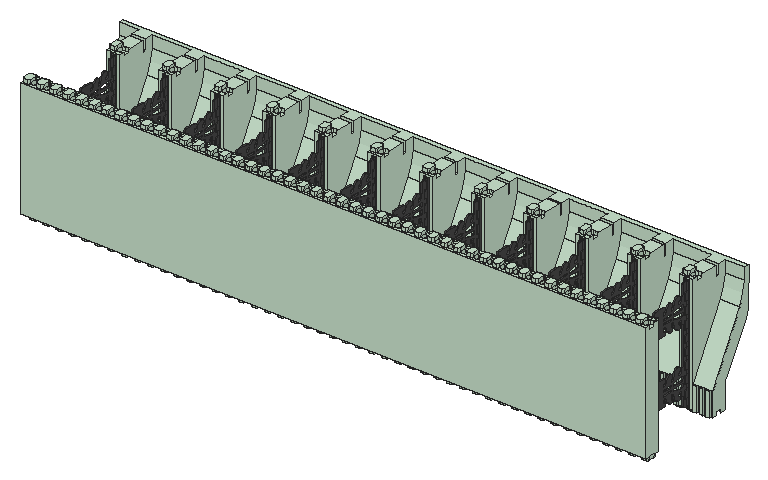
Revit family "ICF- NUDURA 10-inch- Brick Ledge Form Unit- Imperial", category Generic Models, Revit 2010 (continued)
Nested families (in)
  nested 75: "Interlock Tooth" at (13, -12.875, -18.5), type "Interlock Tooth"
  nested 76: "Interlock Tooth" at (15, -12.875, -18.5), type "Interlock Tooth"
  nested 77: "Interlock Tooth" at (17, -12.875, -18.5), type "Interlock Tooth"
  nested 78: "Interlock Tooth" at (19, -12.875, -18.5), type "Interlock Tooth"
  nested 79: "Interlock Tooth" at (21, -12.875, -18.5), type "Interlock Tooth"
  nested 80: "Interlock Tooth" at (23, -12.875, -18.5), type "Interlock Tooth"
  nested 81: "Interlock Tooth" at (25, -12.875, -18.5), type "Interlock Tooth"
  nested 82: "Interlock Tooth" at (27, -12.875, -18.5), type "Interlock Tooth"
  nested 83: "Interlock Tooth" at (29, -12.875, -18.5), type "Interlock Tooth"
  nested 84: "Interlock Tooth" at (31, -12.875, -18.5), type "Interlock Tooth"
  nested 85: "Interlock Tooth" at (33, -12.875, -18.5), type "Interlock Tooth"
  nested 86: "Interlock Tooth" at (35, -12.875, -18.5), type "Interlock Tooth"
  nested 87: "Interlock Tooth" at (37, -12.875, -18.5), type "Interlock Tooth"
  nested 88: "Interlock Tooth" at (39, -12.875, -18.5), type "Interlock Tooth"
  nested 89: "Interlock Tooth" at (41, -12.875, -18.5), type "Interlock Tooth"
  nested 90: "Interlock Tooth" at (43, -12.875, -18.5), type "Interlock Tooth"
  nested 91: "Interlock Tooth" at (45, -12.875, -18.5), type "Interlock Tooth"
  nested 92: "Interlock Tooth" at (47, -12.875, -18.5), type "Interlock Tooth"
  nested 93: "Interlock Tooth" at (49, -12.875, -18.5), type "Interlock Tooth"
  nested 94: "Interlock Tooth" at (51, -12.875, -18.5), type "Interlock Tooth"
  nested 95: "Interlock Tooth" at (53, -12.875, -18.5), type "Interlock Tooth"
  nested 96: "Interlock Tooth" at (55, -12.875, -18.5), type "Interlock Tooth"
  nested 97: "Interlock Tooth" at (57, -12.875, -18.5), type "Interlock Tooth"
  nested 98: "Interlock Tooth" at (59, -12.875, -18.5), type "Interlock Tooth"
  nested 99: "Interlock Tooth" at (61, -12.875, -18.5), type "Interlock Tooth"
  nested 100: "Interlock Tooth" at (63, -12.875, -18.5), type "Interlock Tooth"
  nested 101: "Interlock Tooth" at (65, -12.875, -18.5), type "Interlock Tooth"
  nested 102: "Interlock Tooth" at (67, -12.875, -18.5), type "Interlock Tooth"
  nested 103: "Interlock Tooth" at (69, -12.875, -18.5), type "Interlock Tooth"
  nested 104: "Interlock Tooth" at (71, -12.875, -18.5), type "Interlock Tooth"
  nested 105: "Interlock Tooth" at (73, -12.875, -18.5), type "Interlock Tooth"
  nested 106: "Interlock Tooth" at (75, -12.875, -18.5), type "Interlock Tooth"
  nested 107: "Interlock Tooth" at (77, -12.875, -18.5), type "Interlock Tooth"
  nested 108: "Interlock Tooth" at (79, -12.875, -18.5), type "Interlock Tooth"
  nested 109: "Interlock Tooth" at (81, -12.875, -18.5), type "Interlock Tooth"
  nested 110: "Interlock Tooth" at (83, -12.875, -18.5), type "Interlock Tooth"
  nested 111: "Interlock Tooth" at (85, -12.875, -18.5), type "Interlock Tooth"
  nested 112: "Interlock Tooth" at (87, -12.875, -18.5), type "Interlock Tooth"
  nested 113: "Interlock Tooth" at (89, -12.875, -18.5), type "Interlock Tooth"
  nested 114: "Interlock Tooth" at (91, -12.875, -18.5), type "Interlock Tooth"
  nested 115: "Interlock Tooth" at (93, -12.875, -18.5), type "Interlock Tooth"
  nested 116: "Interlock Tooth" at (95, -12.875, -18.5), type "Interlock Tooth"
  nested 117: "Interlock Tooth" at (0, 0, -18.5), type "Interlock Tooth"
  nested 118: "Interlock Tooth" at (2, 0, -18.5), type "Interlock Tooth"
  nested 119: "Interlock Tooth" at (4, 0, -18.5), type "Interlock Tooth"
  nested 120: "Interlock Tooth" at (6, 0, -18.5), type "Interlock Tooth"
  nested 121: "Interlock Tooth" at (8, 0, -18.5), type "Interlock Tooth"
  nested 122: "Interlock Tooth" at (10, 0, -18.5), type "Interlock Tooth"
  nested 123: "Interlock Tooth" at (12, 0, -18.5), type "Interlock Tooth"
  nested 124: "Interlock Tooth" at (14, 0, -18.5), type "Interlock Tooth"
  nested 125: "Interlock Tooth" at (16, 0, -18.5), type "Interlock Tooth"
  nested 126: "Interlock Tooth" at (18, 0, -18.5), type "Interlock Tooth"
  nested 127: "Interlock Tooth" at (20, 0, -18.5), type "Interlock Tooth"
  nested 128: "Interlock Tooth" at (22, 0, -18.5), type "Interlock Tooth"
  nested 129: "Interlock Tooth" at (24, 0, -18.5), type "Interlock Tooth"
  nested 130: "Interlock Tooth" at (26, 0, -18.5), type "Interlock Tooth"
  nested 131: "Interlock Tooth" at (28, 0, -18.5), type "Interlock Tooth"
  nested 132: "Interlock Tooth" at (30, 0, -18.5), type "Interlock Tooth"
  nested 133: "Interlock Tooth" at (32, 0, -18.5), type "Interlock Tooth"
  nested 134: "Interlock Tooth" at (34, 0, -18.5), type "Interlock Tooth"
  nested 135: "Interlock Tooth" at (36, 0, -18.5), type "Interlock Tooth"
  nested 136: "Interlock Tooth" at (38, 0, -18.5), type "Interlock Tooth"
  nested 137: "Interlock Tooth" at (40, 0, -18.5), type "Interlock Tooth"
  nested 138: "Interlock Tooth" at (42, 0, -18.5), type "Interlock Tooth"
  nested 139: "Interlock Tooth" at (44, 0, -18.5), type "Interlock Tooth"
  nested 140: "Interlock Tooth" at (46, 0, -18.5), type "Interlock Tooth"
  nested 141: "Interlock Tooth" at (48, 0, -18.5), type "Interlock Tooth"
  nested 142: "Interlock Tooth" at (50, 0, -18.5), type "Interlock Tooth"
  nested 143: "Interlock Tooth" at (52, 0, -18.5), type "Interlock Tooth"
  nested 144: "Interlock Tooth" at (54, 0, -18.5), type "Interlock Tooth"
  nested 145: "Interlock Tooth" at (56, 0, -18.5), type "Interlock Tooth"
  nested 146: "Interlock Tooth" at (58, 0, -18.5), type "Interlock Tooth"
  nested 147: "Interlock Tooth" at (60, 0, -18.5), type "Interlock Tooth"
  nested 148: "Interlock Tooth" at (62, 0, -18.5), type "Interlock Tooth"
  nested 149: "Interlock Tooth" at (64, 0, -18.5), type "Interlock Tooth"
  nested 150: "Interlock Tooth" at (66, 0, -18.5), type "Interlock Tooth"
  nested 151: "Interlock Tooth" at (68, 0, -18.5), type "Interlock Tooth"
  nested 152: "Interlock Tooth" at (70, 0, -18.5), type "Interlock Tooth"
  nested 153: "Interlock Tooth" at (72, 0, -18.5), type "Interlock Tooth"
  nested 154: "Interlock Tooth" at (74, 0, -18.5), type "Interlock Tooth"
  nested 155: "Interlock Tooth" at (76, 0, -18.5), type "Interlock Tooth"
  nested 156: "Interlock Tooth" at (78, 0, -18.5), type "Interlock Tooth"
  nested 157: "Interlock Tooth" at (80, 0, -18.5), type "Interlock Tooth"
  nested 158: "Interlock Tooth" at (82, 0, -18.5), type "Interlock Tooth"
  nested 159: "Interlock Tooth" at (84, 0, -18.5), type "Interlock Tooth"
  nested 160: "Interlock Tooth" at (86, 0, -18.5), type "Interlock Tooth"
  nested 161: "Interlock Tooth" at (88, 0, -18.5), type "Interlock Tooth"
  nested 162: "Interlock Tooth" at (90, 0, -18.5), type "Interlock Tooth"
  nested 163: "Interlock Tooth" at (92, 0, -18.5), type "Interlock Tooth"
  nested 164: "Interlock Tooth" at (94, 0, -18.5), type "Interlock Tooth"
  nested 165: "Interlock Tooth" at (0, 0, 0), type "Interlock Tooth", not visible
  nested 166: "Interlock Tooth" at (2, 0, 0), type "Interlock Tooth", not visible
  nested 167: "Interlock Tooth" at (4, 0, 0), type "Interlock Tooth", not visible
  nested 168: "Interlock Tooth" at (6, 0, 0), type "Interlock Tooth", not visible
  nested 169: "Interlock Tooth" at (8, 0, 0), type "Interlock Tooth", not visible
  nested 170: "Interlock Tooth" at (10, 0, 0), type "Interlock Tooth", not visible
  nested 171: "Interlock Tooth" at (12, 0, 0), type "Interlock Tooth", not visible
  nested 172: "Interlock Tooth" at (14, 0, 0), type "Interlock Tooth", not visible
  nested 173: "Interlock Tooth" at (16, 0, 0), type "Interlock Tooth", not visible
  nested 174: "Interlock Tooth" at (18, 0, 0), type "Interlock Tooth", not visible
  nested 175: "Interlock Tooth" at (20, 0, 0), type "Interlock Tooth", not visible
  nested 176: "Interlock Tooth" at (22, 0, 0), type "Interlock Tooth", not visible
  nested 177: "Interlock Tooth" at (24, 0, 0), type "Interlock Tooth", not visible
  nested 178: "Interlock Tooth" at (26, 0, 0), type "Interlock Tooth", not visible
  nested 179: "Interlock Tooth" at (28, 0, 0), type "Interlock Tooth", not visible
  nested 180: "Interlock Tooth" at (30, 0, 0), type "Interlock Tooth", not visible
  nested 181: "Interlock Tooth" at (32, 0, 0), type "Interlock Tooth", not visible
  nested 182: "Interlock Tooth" at (34, 0, 0), type "Interlock Tooth", not visible
  nested 183: "Interlock Tooth" at (36, 0, 0), type "Interlock Tooth", not visible
  nested 184: "Interlock Tooth" at (38, 0, 0), type "Interlock Tooth", not visible
  nested 185: "Interlock Tooth" at (40, 0, 0), type "Interlock Tooth", not visible
  nested 186: "Interlock Tooth" at (42, 0, 0), type "Interlock Tooth", not visible
  nested 187: "Interlock Tooth" at (44, 0, 0), type "Interlock Tooth", not visible
  nested 188: "Interlock Tooth" at (46, 0, 0), type "Interlock Tooth", not visible
  nested 189: "Interlock Tooth" at (48, 0, 0), type "Interlock Tooth", not visible
  nested 190: "Interlock Tooth" at (50, 0, 0), type "Interlock Tooth", not visible
  nested 191: "Interlock Tooth" at (52, 0, 0), type "Interlock Tooth", not visible
  nested 192: "Interlock Tooth" at (54, 0, 0), type "Interlock Tooth", not visible
  nested 193: "Interlock Tooth" at (56, 0, 0), type "Interlock Tooth", not visible
  nested 194: "Interlock Tooth" at (58, 0, 0), type "Interlock Tooth", not visible
  nested 195: "Interlock Tooth" at (60, 0, 0), type "Interlock Tooth", not visible
  nested 196: "Interlock Tooth" at (62, 0, 0), type "Interlock Tooth", not visible
  nested 197: "Interlock Tooth" at (64, 0, 0), type "Interlock Tooth", not visible
  nested 198: "Interlock Tooth" at (66, 0, 0), type "Interlock Tooth", not visible
  nested 199: "Interlock Tooth" at (68, 0, 0), type "Interlock Tooth", not visible
  nested 200: "Interlock Tooth" at (70, 0, 0), type "Interlock Tooth", not visible
  nested 201: "Interlock Tooth" at (72, 0, 0), type "Interlock Tooth", not visible
  nested 202: "Interlock Tooth" at (74, 0, 0), type "Interlock Tooth", not visible
  nested 203: "Interlock Tooth" at (76, 0, 0), type "Interlock Tooth", not visible
  nested 204: "Interlock Tooth" at (78, 0, 0), type "Interlock Tooth", not visible
  nested 205: "Interlock Tooth" at (80, 0, 0), type "Interlock Tooth", not visible
  nested 206: "Interlock Tooth" at (82, 0, 0), type "Interlock Tooth", not visible
  nested 207: "Interlock Tooth" at (84, 0, 0), type "Interlock Tooth", not visible
  nested 208: "Interlock Tooth" at (86, 0, 0), type "Interlock Tooth", not visible
  nested 209: "Interlock Tooth" at (88, 0, 0), type "Interlock Tooth", not visible
  nested 210: "Interlock Tooth" at (90, 0, 0), type "Interlock Tooth", not visible
  nested 211: "Interlock Tooth" at (92, 0, 0), type "Interlock Tooth", not visible
  nested 212: "Interlock Tooth" at (94, 0, 0), type "Interlock Tooth", not visible
  nested 213: "Interlock Tooth" at (1, 8.875, 0), type "Interlock Tooth", not visible
  nested 214: "Interlock Tooth" at (3, 8.875, 0), type "Interlock Tooth", not visible
  nested 215: "Interlock Tooth" at (5, 8.875, 0), type "Interlock Tooth", not visible
  nested 216: "Interlock Tooth" at (7, 8.875, 0), type "Interlock Tooth", not visible
  nested 217: "Interlock Tooth" at (9, 8.875, 0), type "Interlock Tooth", not visible
  nested 218: "Interlock Tooth" at (11, 8.875, 0), type "Interlock Tooth", not visible
  nested 219: "Interlock Tooth" at (13, 8.875, 0), type "Interlock Tooth", not visible
  nested 220: "Interlock Tooth" at (15, 8.875, 0), type "Interlock Tooth", not visible
  nested 221: "Interlock Tooth" at (17, 8.875, 0), type "Interlock Tooth", not visible
  nested 222: "Interlock Tooth" at (19, 8.875, 0), type "Interlock Tooth", not visible
  nested 223: "Interlock Tooth" at (21, 8.875, 0), type "Interlock Tooth", not visible
  nested 224: "Interlock Tooth" at (23, 8.875, 0), type "Interlock Tooth", not visible
  nested 225: "Interlock Tooth" at (25, 8.875, 0), type "Interlock Tooth", not visible
  nested 226: "Interlock Tooth" at (27, 8.875, 0), type "Interlock Tooth", not visible
  nested 227: "Interlock Tooth" at (29, 8.875, 0), type "Interlock Tooth", not visible
  nested 228: "Interlock Tooth" at (31, 8.875, 0), type "Interlock Tooth", not visible
  nested 229: "Interlock Tooth" at (33, 8.875, 0), type "Interlock Tooth", not visible
  nested 230: "Interlock Tooth" at (35, 8.875, 0), type "Interlock Tooth", not visible
  nested 231: "Interlock Tooth" at (37, 8.875, 0), type "Interlock Tooth", not visible
  nested 232: "Interlock Tooth" at (39, 8.875, 0), type "Interlock Tooth", not visible
  nested 233: "Interlock Tooth" at (41, 8.875, 0), type "Interlock Tooth", not visible
  nested 234: "Interlock Tooth" at (43, 8.875, 0), type "Interlock Tooth", not visible
  nested 235: "Interlock Tooth" at (45, 8.875, 0), type "Interlock Tooth", not visible
  nested 236: "Interlock Tooth" at (47, 8.875, 0), type "Interlock Tooth", not visible
  nested 237: "Interlock Tooth" at (49, 8.875, 0), type "Interlock Tooth", not visible
  nested 238: "Interlock Tooth" at (51, 8.875, 0), type "Interlock Tooth", not visible
  nested 239: "Interlock Tooth" at (53, 8.875, 0), type "Interlock Tooth", not visible
  nested 240: "Interlock Tooth" at (55, 8.875, 0), type "Interlock Tooth", not visible
  nested 241: "Interlock Tooth" at (57, 8.875, 0), type "Interlock Tooth", not visible
  nested 242: "Interlock Tooth" at (59, 8.875, 0), type "Interlock Tooth", not visible
  nested 243: "Interlock Tooth" at (61, 8.875, 0), type "Interlock Tooth", not visible
  nested 244: "Interlock Tooth" at (63, 8.875, 0), type "Interlock Tooth", not visible
  nested 245: "Interlock Tooth" at (65, 8.875, 0), type "Interlock Tooth", not visible
  nested 246: "Interlock Tooth" at (67, 8.875, 0), type "Interlock Tooth", not visible
  nested 247: "Interlock Tooth" at (69, 8.875, 0), type "Interlock Tooth", not visible
  nested 248: "Interlock Tooth" at (71, 8.875, 0), type "Interlock Tooth", not visible
  nested 249: "Interlock Tooth" at (73, 8.875, 0), type "Interlock Tooth", not visible
  nested 250: "Interlock Tooth" at (75, 8.875, 0), type "Interlock Tooth", not visible
  nested 251: "Interlock Tooth" at (77, 8.875, 0), type "Interlock Tooth", not visible
  nested 252: "Interlock Tooth" at (79, 8.875, 0), type "Interlock Tooth", not visible
  nested 253: "Interlock Tooth" at (81, 8.875, 0), type "Interlock Tooth", not visible
  nested 254: "Interlock Tooth" at (83, 8.875, 0), type "Interlock Tooth", not visible
  nested 255: "Interlock Tooth" at (85, 8.875, 0), type "Interlock Tooth", not visible
  nested 256: "Interlock Tooth" at (87, 8.875, 0), type "Interlock Tooth", not visible
  nested 257: "Interlock Tooth" at (89, 8.875, 0), type "Interlock Tooth", not visible
  nested 258: "Interlock Tooth" at (91, 8.875, 0), type "Interlock Tooth", not visible
  nested 259: "Interlock Tooth" at (93, 8.875, 0), type "Interlock Tooth", not visible
  nested 260: "Interlock Tooth" at (95, 8.875, 0), type "Interlock Tooth", not visible
  nested 261: "NUDURA Logo Diamond" at (0, -9.625, 0), type "NUDURA Logo Diamond"
  nested 262: "NUDURA Logo Diamond" at (24, -9.625, 0), type "NUDURA Logo Diamond"
  nested 263: "NUDURA Logo Diamond" at (48, -9.625, 0), type "NUDURA Logo Diamond"
  nested 264: "NUDURA Logo Diamond" at (72, -9.625, 0), type "NUDURA Logo Diamond"
  nested 265: "NUDURA Brick Ledge Diamond Pattern" at (88, 11.25, 0), type "NUDURA Brick Ledge Diamond Pattern"
  nested 266: "NUDURA Brick Ledge Diamond Pattern" at (80, 11.25, 0), type "NUDURA Brick Ledge Diamond Pattern"
  nested 267: "NUDURA Brick Ledge Diamond Pattern" at (72, 11.25, 0), type "NUDURA Brick Ledge Diamond Pattern"
  nested 268: "NUDURA Brick Ledge Diamond Pattern" at (64, 11.25, 0), type "NUDURA Brick Ledge Diamond Pattern"
  nested 269: "NUDURA Brick Ledge Diamond Pattern" at (56, 11.25, 0), type "NUDURA Brick Ledge Diamond Pattern"
  nested 270: "NUDURA Brick Ledge Diamond Pattern" at (48, 11.25, 0), type "NUDURA Brick Ledge Diamond Pattern"
  nested 271: "NUDURA Brick Ledge Diamond Pattern" at (40, 11.25, 0), type "NUDURA Brick Ledge Diamond Pattern"
  nested 272: "NUDURA Brick Ledge Diamond Pattern" at (32, 11.25, 0), type "NUDURA Brick Ledge Diamond Pattern"
  nested 273: "NUDURA Brick Ledge Diamond Pattern" at (24, 11.25, 0), type "NUDURA Brick Ledge Diamond Pattern"
  nested 274: "NUDURA Brick Ledge Diamond Pattern" at (16, 11.25, 0), type "NUDURA Brick Ledge Diamond Pattern"
  nested 275: "NUDURA Brick Ledge Diamond Pattern" at (8, 11.25, 0), type "NUDURA Brick Ledge Diamond Pattern"
  nested 276: "NUDURA Brick Ledge Diamond Pattern" at (0, 11.25, 0), type "NUDURA Brick Ledge Diamond Pattern"
  nested 277: "10-inch Insert Web" at (4, -2, 0), type "10-inch Insert Web"
  nested 278: "10-inch Insert Web" at (12, -2, 0), type "10-inch Insert Web"
  nested 279: "10-inch Insert Web" at (20, -2, 0), type "10-inch Insert Web"
  nested 280: "10-inch Insert Web" at (28, -2, 0), type "10-inch Insert Web"
  nested 281: "10-inch Insert Web" at (36, -2, 0), type "10-inch Insert Web"
  nested 282: "10-inch Insert Web" at (44, -2, 0), type "10-inch Insert Web"
  nested 283: "10-inch Insert Web" at (52, -2, 0), type "10-inch Insert Web"
  nested 284: "10-inch Insert Web" at (68, -2, 0), type "10-inch Insert Web"
  nested 285: "10-inch Insert Web" at (76, -2, 0), type "10-inch Insert Web"
  nested 286: "10-inch Insert Web" at (60, -2, 0), type "10-inch Insert Web"
  nested 287: "10-inch Insert Web" at (84, -2, 0), type "10-inch Insert Web"
  nested 288: "10-inch Insert Web" at (92, -2, 0), type "10-inch Insert Web"
Definition of nested family "Interlock Tooth"
  Reference planes (in)
    plane 1 "Center (Front/Back)": y = 0
    plane 2: z = 0
    plane 3 "Center (Left/Right)": x = 0
    plane 4: z = 18
    plane 5: z = 18.5
    plane 6: z = -0.5
  Forms (in)
    Extrusion 1, solid, material "NUDURA Expanded Polystyrene Foam Insulation"
      sketch origin (0, -8.875, 0) x (1, 0, 0) y (0, 1, 0)
        loop
          arc (0, 3.97692) -> (0.04785, 3.82983) -> (0.17308, 3.73905) r 0.25
          arc (0.17308, 3.73905) -> (0.5, 3.6875) -> (0.82692, 3.73905) r 1.0625
          arc (0.82692, 3.73905) -> (0.95215, 3.82983) -> (1, 3.97692) r 0.25
          line (1, 3.97692) -> (1, 4.89808)
          arc (1, 4.89808) -> (0.95215, 5.04517) -> (0.82692, 5.13595) r 0.25
          arc (0.82692, 5.13595) -> (0.5, 5.1875) -> (0.17308, 5.13595) r 1.0625
          arc (0.17308, 5.13595) -> (0.04785, 5.04517) -> (0, 4.89808) r 0.25
          line (0, 4.89808) -> (0, 3.97692)
      from 18 to 18.5
  Dimensions and locks (in)
    locked: plane 4 to level at 18
    locked: plane 4 to plane 5 at 0.5
    locked: plane 6 to level at 0.5
Definition of nested family "10-inch Insert Web"
  Reference planes (in)
    plane 1 "Center (Front/Back)": y = 0
    plane 2: z = 0
    plane 3 "Center (Left/Right)": x = 0
  Forms (in)
    Extrusion 1, solid, material "High Density Polystyrene"
      sketch origin (0, 0, 0) x (0, 1, 0) y (0, 0, 1)
        loop
          line (5.25, 0) -> (5.25, 17.74583)
          arc (5.25, 17.74583) -> (5.22112, 17.72608) -> (5.21, 17.69292) r 0.055
          line (5.21, 17.69292) -> (5.21, 0.05292)
          arc (5.21, 0.05292) -> (5.22112, 0.01975) -> (5.25, 0) r 0.055
        loop
          arc (-5.25, 0) -> (-5.22112, 0.01975) -> (-5.21, 0.05292) r 0.055
          line (-5.21, 0.05292) -> (-5.21, 17.69292)
          arc (-5.21, 17.69292) -> (-5.22112, 17.72608) -> (-5.25, 17.74583) r 0.055
          line (-5.25, 17.74583) -> (-5.25, 0)
      from 0.36328 to -0.36328
    Extrusion 2, solid, material "High Density Polystyrene"
      sketch origin (0, 0, 0) x (0, 1, 0) y (0, 0, 1)
        loop
          line (-5.12543, 17.57204) -> (-5.19457, 17.61045)
          arc (-5.19457, 17.61045) -> (-5.20585, 17.62147) -> (-5.21, 17.63668) r 0.03
          line (-5.21, 17.63668) -> (-5.21, 17.38789)
          arc (-5.21, 17.38789) -> (-5.20374, 17.40241) -> (-5.18889, 17.40785) r 0.02
          line (-5.18889, 17.40785) -> (-5.13111, 17.40464)
          arc (-5.13111, 17.40464) -> (-5.11625, 17.41008) -> (-5.11, 17.42461) r 0.02
          line (-5.11, 17.42461) -> (-5.11, 17.54582)
          arc (-5.11, 17.54582) -> (-5.11414, 17.56103) -> (-5.12543, 17.57204) r 0.03
        loop
          line (-4.5, 17.20772) -> (-4.6, 17.20772) -> (-4.6, 17.2388)
          arc (-4.6, 17.2388) -> (-4.61433, 17.27339) -> (-4.64893, 17.28772) r 0.04893
          line (-4.64893, 17.28772) -> (-4.77609, 17.28772) -> (-4.825, 17.43772)
          arc (-4.825, 17.43772) -> (-4.875, 17.46772) -> (-4.925, 17.43772) r 0.05667
          line (-4.925, 17.43772) -> (-5, 17.20772) -> (-5, 0.53811) -> (-4.925, 0.30811)
          arc (-4.925, 0.30811) -> (-4.875, 0.27811) -> (-4.825, 0.30811) r 0.05667
          line (-4.825, 0.30811) -> (-4.77609, 0.45811) -> (-4.64893, 0.45811)
          arc (-4.64893, 0.45811) -> (-4.61433, 0.47244) -> (-4.6, 0.50703) r 0.04893
          line (-4.6, 0.50703) -> (-4.6, 0.53811) -> (-4.5, 0.53811) -> (-4.5, 1.99805)
          arc (-4.5, 1.99805) -> (-4.46384, 2.08535) -> (-4.37654, 2.12151) r 0.12346
          arc (-4.37654, 2.12151) -> (-4.22754, 2.23265) -> (-4.21225, 2.41791) r 0.22602
          arc (-4.21225, 2.41791) -> (-3.72909, 2.89529) -> (-3.67178, 2.21849) r 0.375
          arc (-3.67178, 2.21849) -> (-3.82054, 1.85615) -> (-3.45819, 1.70739) r 0.27697
          arc (-3.45819, 1.70739) -> (-2.94561, 2.10506) -> (-2.74922, 2.72338) r 1.09159
          line (-2.74922, 2.72338) -> (-2.74973, 2.88837)
          arc (-2.74973, 2.88837) -> (-2.17617, 3.17809) -> (-2.18865, 2.53563) r 0.375
          arc (-2.18865, 2.53563) -> (-2.3374, 2.17328) -> (-1.97506, 2.02453) r 0.27697
          arc (-1.97506, 2.02453) -> (-1.47568, 2.34989) -> (-1.23882, 2.89683) r 1.0341
          arc (-1.23882, 2.89683) -> (-0.66526, 3.18654) -> (-0.67773, 2.54409) r 0.375
          arc (-0.67773, 2.54409) -> (-0.76612, 2.51631) -> (-0.85703, 2.49851) r 0.83414
          arc (-0.85703, 2.49851) -> (-1.02215, 2.26789) -> (-0.82272, 2.06619) r 0.22
          arc (-0.82272, 2.06619) -> (-0.41308, 2.01232) -> (0, 2.0035) r 3.77741
          arc (0, 2.0035) -> (0.41308, 2.01232) -> (0.82272, 2.06619) r 3.77741
          arc (0.82272, 2.06619) -> (1.02215, 2.26789) -> (0.85703, 2.49851) r 0.22
          arc (0.85703, 2.49851) -> (0.76612, 2.51631) -> (0.67773, 2.54409) r 0.83414
          arc (0.67773, 2.54409) -> (0.66526, 3.18654) -> (1.23882, 2.89683) r 0.375
          arc (1.23882, 2.89683) -> (1.47568, 2.34989) -> (1.97506, 2.02453) r 1.0341
          arc (1.97506, 2.02453) -> (2.3374, 2.17328) -> (2.18865, 2.53563) r 0.27697
          arc (2.18865, 2.53563) -> (2.17617, 3.17809) -> (2.74973, 2.88837) r 0.375
          line (2.74973, 2.88837) -> (2.74922, 2.72338)
          arc (2.74922, 2.72338) -> (2.94561, 2.10506) -> (3.45819, 1.70739) r 1.09159
          arc (3.45819, 1.70739) -> (3.82054, 1.85615) -> (3.67178, 2.21849) r 0.27697
          arc (3.67178, 2.21849) -> (3.72909, 2.89529) -> (4.21225, 2.41791) r 0.375
          arc (4.21225, 2.41791) -> (4.22754, 2.23265) -> (4.37654, 2.12151) r 0.22602
          arc (4.37654, 2.12151) -> (4.46384, 2.08535) -> (4.5, 1.99805) r 0.12346
          line (4.5, 1.99805) -> (4.5, 0.53811) -> (4.6, 0.53811) -> (4.6, 0.50703)
          arc (4.6, 0.50703) -> (4.61433, 0.47244) -> (4.64893, 0.45811) r 0.04893
          line (4.64893, 0.45811) -> (4.77609, 0.45811) -> (4.825, 0.30811)
          arc (4.825, 0.30811) -> (4.875, 0.27811) -> (4.925, 0.30811) r 0.05667
          line (4.925, 0.30811) -> (5, 0.53811) -> (5, 17.20772) -> (4.925, 17.43772)
          arc (4.925, 17.43772) -> (4.875, 17.46772) -> (4.825, 17.43772) r 0.05667
          line (4.825, 17.43772) -> (4.77609, 17.28772) -> (4.64893, 17.28772)
          arc (4.64893, 17.28772) -> (4.61433, 17.27339) -> (4.6, 17.2388) r 0.04893
          line (4.6, 17.2388) -> (4.6, 17.20772) -> (4.5, 17.20772) -> (4.5, 15.74778)
          arc (4.5, 15.74778) -> (4.46384, 15.66048) -> (4.37654, 15.62433) r 0.12346
          arc (4.37654, 15.62433) -> (4.22754, 15.51319) -> (4.21225, 15.32793) r 0.22602
          arc (4.21225, 15.32793) -> (3.72909, 14.85054) -> (3.67178, 15.52734) r 0.375
          arc (3.67178, 15.52734) -> (3.82054, 15.88969) -> (3.45819, 16.03844) r 0.27697
          arc (3.45819, 16.03844) -> (2.94561, 15.64077) -> (2.74922, 15.02245) r 1.09159
          line (2.74922, 15.02245) -> (2.74973, 14.85746)
          arc (2.74973, 14.85746) -> (2.17617, 14.56774) -> (2.18865, 15.2102) r 0.375
          arc (2.18865, 15.2102) -> (2.3374, 15.57255) -> (1.97506, 15.7213) r 0.27697
          arc (1.97506, 15.7213) -> (1.47568, 15.39594) -> (1.23882, 14.84901) r 1.0341
          arc (1.23882, 14.84901) -> (0.66526, 14.55929) -> (0.67773, 15.20175) r 0.375
          arc (0.67773, 15.20175) -> (0.76612, 15.22952) -> (0.85703, 15.24732) r 0.83414
          arc (0.85703, 15.24732) -> (1.02215, 15.47795) -> (0.82272, 15.67964) r 0.22
          arc (0.82272, 15.67964) -> (0.41308, 15.73351) -> (0, 15.74233) r 3.77741
          arc (0, 15.74233) -> (-0.41308, 15.73351) -> (-0.82272, 15.67964) r 3.77741
          arc (-0.82272, 15.67964) -> (-1.02215, 15.47795) -> (-0.85703, 15.24732) r 0.22
          arc (-0.85703, 15.24732) -> (-0.76612, 15.22952) -> (-0.67773, 15.20175) r 0.83414
          arc (-0.67773, 15.20175) -> (-0.66526, 14.55929) -> (-1.23882, 14.84901) r 0.375
          arc (-1.23882, 14.84901) -> (-1.47568, 15.39594) -> (-1.97506, 15.7213) r 1.0341
          arc (-1.97506, 15.7213) -> (-2.3374, 15.57255) -> (-2.18865, 15.2102) r 0.27697
          arc (-2.18865, 15.2102) -> (-2.17617, 14.56774) -> (-2.74973, 14.85746) r 0.375
          line (-2.74973, 14.85746) -> (-2.74922, 15.02245)
          arc (-2.74922, 15.02245) -> (-2.94561, 15.64077) -> (-3.45819, 16.03844) r 1.09159
          arc (-3.45819, 16.03844) -> (-3.82054, 15.88969) -> (-3.67178, 15.52734) r 0.27697
          arc (-3.67178, 15.52734) -> (-3.72909, 14.85054) -> (-4.21225, 15.32793) r 0.375
          arc (-4.21225, 15.32793) -> (-4.22754, 15.51319) -> (-4.37654, 15.62433) r 0.22602
          arc (-4.37654, 15.62433) -> (-4.46384, 15.66048) -> (-4.5, 15.74778) r 0.12346
          line (-4.5, 15.74778) -> (-4.5, 17.20772)
        loop
          line (-4.5, 11.8098) -> (-4.5, 5.93603)
          arc (-4.5, 5.93603) -> (-4.46384, 5.84874) -> (-4.37654, 5.81258) r 0.12346
          arc (-4.37654, 5.81258) -> (-4.22754, 5.70144) -> (-4.21225, 5.51618) r 0.22602
          arc (-4.21225, 5.51618) -> (-3.72909, 5.0388) -> (-3.67178, 5.71559) r 0.375
          arc (-3.67178, 5.71559) -> (-3.82054, 6.07794) -> (-3.45819, 6.2267) r 0.27697
          arc (-3.45819, 6.2267) -> (-2.94561, 5.82902) -> (-2.74922, 5.2107) r 1.09159
          line (-2.74922, 5.2107) -> (-2.74973, 5.04572)
          arc (-2.74973, 5.04572) -> (-2.17617, 4.756) -> (-2.18865, 5.39846) r 0.375
          arc (-2.18865, 5.39846) -> (-2.3374, 5.7608) -> (-1.97506, 5.90956) r 0.27697
          arc (-1.97506, 5.90956) -> (-1.47568, 5.58419) -> (-1.23882, 5.03726) r 1.0341
          arc (-1.23882, 5.03726) -> (-0.66526, 4.74754) -> (-0.67773, 5.39) r 0.375
          arc (-0.67773, 5.39) -> (-0.76612, 5.41777) -> (-0.85703, 5.43557) r 0.83414
          arc (-0.85703, 5.43557) -> (-1.02215, 5.6662) -> (-0.82272, 5.86789) r 0.22
          arc (-0.82272, 5.86789) -> (-0.41308, 5.92177) -> (0, 5.93058) r 3.77741
          arc (0, 5.93058) -> (0.41308, 5.92177) -> (0.82272, 5.86789) r 3.77741
          arc (0.82272, 5.86789) -> (1.02215, 5.6662) -> (0.85703, 5.43557) r 0.22
          arc (0.85703, 5.43557) -> (0.76612, 5.41777) -> (0.67773, 5.39) r 0.83414
          arc (0.67773, 5.39) -> (0.66526, 4.74754) -> (1.23882, 5.03726) r 0.375
          arc (1.23882, 5.03726) -> (1.47568, 5.58419) -> (1.97506, 5.90956) r 1.0341
          arc (1.97506, 5.90956) -> (2.3374, 5.7608) -> (2.18865, 5.39846) r 0.27697
          arc (2.18865, 5.39846) -> (2.17617, 4.756) -> (2.74973, 5.04572) r 0.375
          line (2.74973, 5.04572) -> (2.74922, 5.2107)
          arc (2.74922, 5.2107) -> (2.94561, 5.82902) -> (3.45819, 6.2267) r 1.09159
          arc (3.45819, 6.2267) -> (3.82054, 6.07794) -> (3.67178, 5.71559) r 0.27697
          arc (3.67178, 5.71559) -> (3.72909, 5.0388) -> (4.21225, 5.51618) r 0.375
          arc (4.21225, 5.51618) -> (4.22754, 5.70144) -> (4.37654, 5.81258) r 0.22602
          arc (4.37654, 5.81258) -> (4.46384, 5.84874) -> (4.5, 5.93603) r 0.12346
          line (4.5, 5.93603) -> (4.5, 11.8098)
          arc (4.5, 11.8098) -> (4.46384, 11.89709) -> (4.37654, 11.93325) r 0.12346
          arc (4.37654, 11.93325) -> (4.22754, 12.04439) -> (4.21225, 12.22965) r 0.22602
          arc (4.21225, 12.22965) -> (3.72909, 12.70704) -> (3.67178, 12.03024) r 0.375
          arc (3.67178, 12.03024) -> (3.82054, 11.66789) -> (3.45819, 11.51914) r 0.27697
          arc (3.45819, 11.51914) -> (2.94561, 11.91681) -> (2.74922, 12.53513) r 1.09159
          line (2.74922, 12.53513) -> (2.74973, 12.70012)
          arc (2.74973, 12.70012) -> (2.17617, 12.98983) -> (2.18865, 12.34738) r 0.375
          arc (2.18865, 12.34738) -> (2.3374, 11.98503) -> (1.97506, 11.83627) r 0.27697
          arc (1.97506, 11.83627) -> (1.47568, 12.16164) -> (1.23882, 12.70857) r 1.0341
          arc (1.23882, 12.70857) -> (0.66526, 12.99829) -> (0.67773, 12.35583) r 0.375
          arc (0.67773, 12.35583) -> (0.76612, 12.32806) -> (0.85703, 12.31026) r 0.83414
          arc (0.85703, 12.31026) -> (1.02215, 12.07963) -> (0.82272, 11.87794) r 0.22
          arc (0.82272, 11.87794) -> (0.41308, 11.82406) -> (0, 11.81525) r 3.77741
          arc (0, 11.81525) -> (-0.41308, 11.82406) -> (-0.82272, 11.87794) r 3.77741
          arc (-0.82272, 11.87794) -> (-1.02215, 12.07963) -> (-0.85703, 12.31026) r 0.22
          arc (-0.85703, 12.31026) -> (-0.76612, 12.32806) -> (-0.67773, 12.35583) r 0.83414
          arc (-0.67773, 12.35583) -> (-0.66526, 12.99829) -> (-1.23882, 12.70857) r 0.375
          arc (-1.23882, 12.70857) -> (-1.47568, 12.16164) -> (-1.97506, 11.83627) r 1.0341
          arc (-1.97506, 11.83627) -> (-2.3374, 11.98503) -> (-2.18865, 12.34738) r 0.27697
          arc (-2.18865, 12.34738) -> (-2.17617, 12.98983) -> (-2.74973, 12.70012) r 0.375
          line (-2.74973, 12.70012) -> (-2.74922, 12.53513)
          arc (-2.74922, 12.53513) -> (-2.94561, 11.91681) -> (-3.45819, 11.51914) r 1.09159
          arc (-3.45819, 11.51914) -> (-3.82054, 11.66789) -> (-3.67178, 12.03024) r 0.27697
          arc (-3.67178, 12.03024) -> (-3.72909, 12.70704) -> (-4.21225, 12.22965) r 0.375
          arc (-4.21225, 12.22965) -> (-4.22754, 12.04439) -> (-4.37654, 11.93325) r 0.22602
          arc (-4.37654, 11.93325) -> (-4.46384, 11.89709) -> (-4.5, 11.8098) r 0.12346
        loop
          arc (-4.33112, 14.73097) -> (-4.45054, 14.68151) -> (-4.5, 14.56209) r 0.16888
          line (-4.5, 14.56209) -> (-4.5, 14.04372)
          arc (-4.5, 14.04372) -> (-4.44996, 13.92293) -> (-4.32917, 13.87289) r 0.17083
          line (-4.32917, 13.87289) -> (-2.57764, 13.87289)
          arc (-2.57764, 13.87289) -> (-2.48926, 13.9095) -> (-2.45264, 13.99789) r 0.125
          line (-2.45264, 13.99789) -> (-2.45264, 14.21018)
          arc (-2.45264, 14.21018) -> (-2.48008, 14.28832) -> (-2.55033, 14.33216) r 0.125
          line (-2.55033, 14.33216) -> (-4.33112, 14.73097)
        loop
          line (-2.26514, 14.18276) -> (-2.26514, 13.99876)
          arc (-2.26514, 13.99876) -> (-2.22853, 13.91037) -> (-2.14014, 13.87376) r 0.125
          line (-2.14014, 13.87376) -> (-0.70065, 13.87376)
          arc (-0.70065, 13.87376) -> (-0.48365, 14.09076) -> (-0.70065, 14.30776) r 0.217
          line (-0.70065, 14.30776) -> (-2.14014, 14.30776)
          arc (-2.14014, 14.30776) -> (-2.22853, 14.27115) -> (-2.26514, 14.18276) r 0.125
        loop
          line (-4.33112, 12.82661) -> (-2.55033, 13.22542)
          arc (-2.55033, 13.22542) -> (-2.48008, 13.26926) -> (-2.45264, 13.3474) r 0.125
          line (-2.45264, 13.3474) -> (-2.45264, 13.55969)
          arc (-2.45264, 13.55969) -> (-2.48926, 13.64807) -> (-2.57764, 13.68469) r 0.125
          line (-2.57764, 13.68469) -> (-4.32917, 13.68469)
          arc (-4.32917, 13.68469) -> (-4.44996, 13.63465) -> (-4.5, 13.51386) r 0.17083
          line (-4.5, 13.51386) -> (-4.5, 12.99549)
          arc (-4.5, 12.99549) -> (-4.45054, 12.87607) -> (-4.33112, 12.82661) r 0.16888
        loop
          arc (-2.26514, 13.37482) -> (-2.22853, 13.28643) -> (-2.14014, 13.24982) r 0.125
          line (-2.14014, 13.24982) -> (-0.70065, 13.24982)
          arc (-0.70065, 13.24982) -> (-0.48365, 13.46682) -> (-0.70065, 13.68382) r 0.217
          line (-0.70065, 13.68382) -> (-2.14014, 13.68382)
          arc (-2.14014, 13.68382) -> (-2.22853, 13.64721) -> (-2.26514, 13.55882) r 0.125
          line (-2.26514, 13.55882) -> (-2.26514, 13.37482)
        loop
          arc (5.12543, 17.57204) -> (5.11414, 17.56103) -> (5.11, 17.54582) r 0.03
          line (5.11, 17.54582) -> (5.11, 17.42461)
          arc (5.11, 17.42461) -> (5.11625, 17.41008) -> (5.13111, 17.40464) r 0.02
          line (5.13111, 17.40464) -> (5.18889, 17.40785)
          arc (5.18889, 17.40785) -> (5.20374, 17.40241) -> (5.21, 17.38789) r 0.02
          line (5.21, 17.38789) -> (5.21, 17.63668)
          arc (5.21, 17.63668) -> (5.20585, 17.62147) -> (5.19457, 17.61045) r 0.03
          line (5.19457, 17.61045) -> (5.12543, 17.57204)
        loop
          line (4.33112, 14.73097) -> (2.55033, 14.33216)
          arc (2.55033, 14.33216) -> (2.48008, 14.28832) -> (2.45264, 14.21018) r 0.125
          line (2.45264, 14.21018) -> (2.45264, 13.99789)
          arc (2.45264, 13.99789) -> (2.48926, 13.9095) -> (2.57764, 13.87289) r 0.125
          line (2.57764, 13.87289) -> (4.32917, 13.87289)
          arc (4.32917, 13.87289) -> (4.44996, 13.92293) -> (4.5, 14.04372) r 0.17083
          line (4.5, 14.04372) -> (4.5, 14.56209)
          arc (4.5, 14.56209) -> (4.45054, 14.68151) -> (4.33112, 14.73097) r 0.16888
        loop
          arc (2.26514, 14.18276) -> (2.22853, 14.27115) -> (2.14014, 14.30776) r 0.125
          line (2.14014, 14.30776) -> (0.70065, 14.30776)
          arc (0.70065, 14.30776) -> (0.48365, 14.09076) -> (0.70065, 13.87376) r 0.217
          line (0.70065, 13.87376) -> (2.14014, 13.87376)
          arc (2.14014, 13.87376) -> (2.22853, 13.91037) -> (2.26514, 13.99876) r 0.125
          line (2.26514, 13.99876) -> (2.26514, 14.18276)
        loop
          arc (4.33112, 12.82661) -> (4.45054, 12.87607) -> (4.5, 12.99549) r 0.16888
          line (4.5, 12.99549) -> (4.5, 13.51386)
          arc (4.5, 13.51386) -> (4.44996, 13.63465) -> (4.32917, 13.68469) r 0.17083
          line (4.32917, 13.68469) -> (2.57764, 13.68469)
          arc (2.57764, 13.68469) -> (2.48926, 13.64807) -> (2.45264, 13.55969) r 0.125
          line (2.45264, 13.55969) -> (2.45264, 13.3474)
          arc (2.45264, 13.3474) -> (2.48008, 13.26926) -> (2.55033, 13.22542) r 0.125
          line (2.55033, 13.22542) -> (4.33112, 12.82661)
        loop
          line (2.26514, 13.37482) -> (2.26514, 13.55882)
          arc (2.26514, 13.55882) -> (2.22853, 13.64721) -> (2.14014, 13.68382) r 0.125
          line (2.14014, 13.68382) -> (0.70065, 13.68382)
          arc (0.70065, 13.68382) -> (0.48365, 13.46682) -> (0.70065, 13.24982) r 0.217
          line (0.70065, 13.24982) -> (2.14014, 13.24982)
          arc (2.14014, 13.24982) -> (2.22853, 13.28643) -> (2.26514, 13.37482) r 0.125
        loop
          arc (-5.12543, 0.17379) -> (-5.11414, 0.1848) -> (-5.11, 0.20001) r 0.03
          line (-5.11, 0.20001) -> (-5.11, 0.32122)
          arc (-5.11, 0.32122) -> (-5.11625, 0.33575) -> (-5.13111, 0.34119) r 0.02
          line (-5.13111, 0.34119) -> (-5.18889, 0.33798)
          arc (-5.18889, 0.33798) -> (-5.20374, 0.34342) -> (-5.21, 0.35795) r 0.02
          line (-5.21, 0.35795) -> (-5.21, 0.10915)
          arc (-5.21, 0.10915) -> (-5.20585, 0.12437) -> (-5.19457, 0.13538) r 0.03
          line (-5.19457, 0.13538) -> (-5.12543, 0.17379)
        loop
          line (-4.33112, 3.01486) -> (-2.55033, 3.41367)
          arc (-2.55033, 3.41367) -> (-2.48008, 3.45752) -> (-2.45264, 3.53565) r 0.125
          line (-2.45264, 3.53565) -> (-2.45264, 3.74794)
          arc (-2.45264, 3.74794) -> (-2.48926, 3.83633) -> (-2.57764, 3.87294) r 0.125
          line (-2.57764, 3.87294) -> (-4.32917, 3.87294)
          arc (-4.32917, 3.87294) -> (-4.44996, 3.8229) -> (-4.5, 3.70211) r 0.17083
          line (-4.5, 3.70211) -> (-4.5, 3.18374)
          arc (-4.5, 3.18374) -> (-4.45054, 3.06432) -> (-4.33112, 3.01486) r 0.16888
        loop
          arc (-2.26514, 3.56307) -> (-2.22853, 3.47469) -> (-2.14014, 3.43807) r 0.125
          line (-2.14014, 3.43807) -> (-0.70065, 3.43807)
          arc (-0.70065, 3.43807) -> (-0.48365, 3.65507) -> (-0.70065, 3.87207) r 0.217
          line (-0.70065, 3.87207) -> (-2.14014, 3.87207)
          arc (-2.14014, 3.87207) -> (-2.22853, 3.83546) -> (-2.26514, 3.74707) r 0.125
          line (-2.26514, 3.74707) -> (-2.26514, 3.56307)
        loop
          arc (-4.33112, 4.91923) -> (-4.45054, 4.86976) -> (-4.5, 4.75034) r 0.16888
          line (-4.5, 4.75034) -> (-4.5, 4.23198)
          arc (-4.5, 4.23198) -> (-4.44996, 4.11118) -> (-4.32917, 4.06115) r 0.17083
          line (-4.32917, 4.06115) -> (-2.57764, 4.06115)
          arc (-2.57764, 4.06115) -> (-2.48926, 4.09776) -> (-2.45264, 4.18615) r 0.125
          line (-2.45264, 4.18615) -> (-2.45264, 4.39843)
          arc (-2.45264, 4.39843) -> (-2.48008, 4.47657) -> (-2.55033, 4.52041) r 0.125
          line (-2.55033, 4.52041) -> (-4.33112, 4.91923)
        loop
          line (-2.26514, 4.37101) -> (-2.26514, 4.18701)
          arc (-2.26514, 4.18701) -> (-2.22853, 4.09863) -> (-2.14014, 4.06201) r 0.125
          line (-2.14014, 4.06201) -> (-0.70065, 4.06201)
          arc (-0.70065, 4.06201) -> (-0.48365, 4.27901) -> (-0.70065, 4.49601) r 0.217
          line (-0.70065, 4.49601) -> (-2.14014, 4.49601)
          arc (-2.14014, 4.49601) -> (-2.22853, 4.4594) -> (-2.26514, 4.37101) r 0.125
        loop
          line (5.12543, 0.17379) -> (5.19457, 0.13538)
          arc (5.19457, 0.13538) -> (5.20585, 0.12437) -> (5.21, 0.10915) r 0.03
          line (5.21, 0.10915) -> (5.21, 0.35795)
          arc (5.21, 0.35795) -> (5.20374, 0.34342) -> (5.18889, 0.33798) r 0.02
          line (5.18889, 0.33798) -> (5.13111, 0.34119)
          arc (5.13111, 0.34119) -> (5.11625, 0.33575) -> (5.11, 0.32122) r 0.02
          line (5.11, 0.32122) -> (5.11, 0.20001)
          arc (5.11, 0.20001) -> (5.11414, 0.1848) -> (5.12543, 0.17379) r 0.03
        loop
          arc (4.33112, 3.01486) -> (4.45054, 3.06432) -> (4.5, 3.18374) r 0.16888
          line (4.5, 3.18374) -> (4.5, 3.70211)
          arc (4.5, 3.70211) -> (4.44996, 3.8229) -> (4.32917, 3.87294) r 0.17083
          line (4.32917, 3.87294) -> (2.57764, 3.87294)
          arc (2.57764, 3.87294) -> (2.48926, 3.83633) -> (2.45264, 3.74794) r 0.125
          line (2.45264, 3.74794) -> (2.45264, 3.53565)
          arc (2.45264, 3.53565) -> (2.48008, 3.45752) -> (2.55033, 3.41367) r 0.125
          line (2.55033, 3.41367) -> (4.33112, 3.01486)
        loop
          line (2.26514, 3.56307) -> (2.26514, 3.74707)
          arc (2.26514, 3.74707) -> (2.22853, 3.83546) -> (2.14014, 3.87207) r 0.125
          line (2.14014, 3.87207) -> (0.70065, 3.87207)
          arc (0.70065, 3.87207) -> (0.48365, 3.65507) -> (0.70065, 3.43807) r 0.217
          line (0.70065, 3.43807) -> (2.14014, 3.43807)
          arc (2.14014, 3.43807) -> (2.22853, 3.47469) -> (2.26514, 3.56307) r 0.125
        loop
          line (4.33112, 4.91923) -> (2.55033, 4.52041)
          arc (2.55033, 4.52041) -> (2.48008, 4.47657) -> (2.45264, 4.39843) r 0.125
          line (2.45264, 4.39843) -> (2.45264, 4.18615)
          arc (2.45264, 4.18615) -> (2.48926, 4.09776) -> (2.57764, 4.06115) r 0.125
          line (2.57764, 4.06115) -> (4.32917, 4.06115)
          arc (4.32917, 4.06115) -> (4.44996, 4.11118) -> (4.5, 4.23198) r 0.17083
          line (4.5, 4.23198) -> (4.5, 4.75034)
          arc (4.5, 4.75034) -> (4.45054, 4.86976) -> (4.33112, 4.91923) r 0.16888
        loop
          arc (2.26514, 4.37101) -> (2.22853, 4.4594) -> (2.14014, 4.49601) r 0.125
          line (2.14014, 4.49601) -> (0.70065, 4.49601)
          arc (0.70065, 4.49601) -> (0.48365, 4.27901) -> (0.70065, 4.06201) r 0.217
          line (0.70065, 4.06201) -> (2.14014, 4.06201)
          arc (2.14014, 4.06201) -> (2.22853, 4.09863) -> (2.26514, 4.18701) r 0.125
          line (2.26514, 4.18701) -> (2.26514, 4.37101)
      from 0.125 to -0.125
    Extrusion 3, solid, material "High Density Polystyrene"
      sketch origin (0, 0, 0) x (0, 1, 0) y (0, 0, 1)
        loop
          line (5.21, 16.17792) -> (4.71, 16.17792) -> (4.71, 14.97792) -> (5.21, 14.97792) -> (5.21, 16.17792)
        loop
          line (5.21, 14.22792) -> (4.71, 14.22792) -> (4.71, 13.02792) -> (5.21, 13.02792) -> (5.21, 14.22792)
        loop
          line (5.21, 12.27792) -> (4.71, 12.27792) -> (4.71, 11.07792) -> (5.21, 11.07792) -> (5.21, 12.27792)
        loop
          line (5.21, 10.32792) -> (4.71, 10.32792) -> (4.71, 9.24792) -> (5.21, 9.24792) -> (5.21, 10.32792)
        loop
          line (5.21, 8.49792) -> (4.71, 8.49792) -> (4.71, 7.41792) -> (5.21, 7.41792) -> (5.21, 8.49792)
        loop
          line (5.21, 6.66792) -> (4.71, 6.66792) -> (4.71, 5.46792) -> (5.21, 5.46792) -> (5.21, 6.66792)
        loop
          line (5.21, 4.71792) -> (4.71, 4.71792) -> (4.71, 3.51792) -> (5.21, 3.51792) -> (5.21, 4.71792)
        loop
          line (5.21, 2.76792) -> (4.71, 2.76792) -> (4.71, 1.56792) -> (5.21, 1.56792) -> (5.21, 2.76792)
        loop
          line (-5.21, 16.17792) -> (-5.21, 14.97792) -> (-4.71, 14.97792) -> (-4.71, 16.17792) -> (-5.21, 16.17792)
        loop
          line (-5.21, 14.22792) -> (-5.21, 13.02792) -> (-4.71, 13.02792) -> (-4.71, 14.22792) -> (-5.21, 14.22792)
        loop
          line (-5.21, 12.27792) -> (-5.21, 11.07792) -> (-4.71, 11.07792) -> (-4.71, 12.27792) -> (-5.21, 12.27792)
        loop
          line (-5.21, 10.32792) -> (-5.21, 9.24792) -> (-4.71, 9.24792) -> (-4.71, 10.32792) -> (-5.21, 10.32792)
        loop
          line (-5.21, 8.49792) -> (-5.21, 7.41792) -> (-4.71, 7.41792) -> (-4.71, 8.49792) -> (-5.21, 8.49792)
        loop
          line (-5.21, 6.66792) -> (-5.21, 5.46792) -> (-4.71, 5.46792) -> (-4.71, 6.66792) -> (-5.21, 6.66792)
        loop
          line (-5.21, 4.71792) -> (-5.21, 3.51792) -> (-4.71, 3.51792) -> (-4.71, 4.71792) -> (-5.21, 4.71792)
        loop
          line (-5.21, 2.76792) -> (-5.21, 1.56792) -> (-4.71, 1.56792) -> (-4.71, 2.76792) -> (-5.21, 2.76792)
      from 0.25 to -0.25
    Extrusion 4, void
      sketch origin (0, 2, 0) x (1, 0, 0) y (0, 1, 0)
        loop
          line (-0.25, 2.79249) -> (-0.25, 2.71) -> (-0.1675, 2.71)
          arc (-0.1675, 2.71) -> (-0.22584, 2.73416) -> (-0.25, 2.79249) r 0.0825
      from 0 to 18
    Extrusion 5, void
      sketch origin (0, 2, 0) x (-1, 0, 0) y (0, -1, 0)
        loop
          arc (-0.25, -2.79249) -> (-0.22584, -2.73416) -> (-0.1675, -2.71) r 0.0825
          line (-0.1675, -2.71) -> (-0.25, -2.71) -> (-0.25, -2.79249)
      from 0 to 18
    Extrusion 6, void
      sketch origin (0, -2, 0) x (1, 0, 0) y (0, 1, 0)
        loop
          arc (-0.25, -2.79249) -> (-0.22584, -2.73416) -> (-0.1675, -2.71) r 0.0825
          line (-0.1675, -2.71) -> (-0.25, -2.71) -> (-0.25, -2.79249)
      from 0 to 18
    Extrusion 7, void
      sketch origin (0, -2, 0) x (-1, 0, 0) y (0, -1, 0)
        loop
          line (-0.25, 2.79249) -> (-0.25, 2.71) -> (-0.1675, 2.71)
          arc (-0.1675, 2.71) -> (-0.22584, 2.73416) -> (-0.25, 2.79249) r 0.0825
      from 0 to 18
  Cuts and joins
    Extrusion 4, Extrusion 5, Extrusion 6, Extrusion 7 cuts Extrusion 1
    Extrusion 4, Extrusion 5, Extrusion 6, Extrusion 7 cuts Extrusion 3
Definition of nested family "NUDURA Diamond Pattern"
  Reference planes (in)
    plane 1 "Center (Front/Back)": y = 0
    plane 2: z = 0
    plane 3 "Center (Left/Right)": x = 0
    plane 4: z = 18
  Lines and regions (in)
    model lines
      curve 1: line (8, -5.625, 18) -> (8, -5.625, 0)
      curve 2: line (6, -5.625, 18) -> (6, -5.625, 0)
      curve 3: line (2, -5.625, 18) -> (2, -5.625, 0)
      curve 4: line (3.35367, -5.625, 16.98484) -> (3.69709, -5.625, 16.64142)
      curve 5: arc (3.35367, -5.625, 17.51517) -> (3.24384, -5.625, 17.25) -> (3.35367, -5.625, 16.98484) r 0.375
      curve 6: line (3.72867, -5.625, 17.89017) -> (3.35367, -5.625, 17.51517)
      curve 7: arc (4.259, -5.625, 17.89017) -> (3.99384, -5.625, 18) -> (3.72867, -5.625, 17.89017) r 0.375
      curve 8: line (4.634, -5.625, 17.51517) -> (4.259, -5.625, 17.89017)
      curve 9: arc (4.634, -5.625, 16.98484) -> (4.74384, -5.625, 17.25) -> (4.634, -5.625, 17.51517) r 0.375
      curve 10: line (4.29059, -5.625, 16.64142) -> (4.634, -5.625, 16.98484)
      curve 11: arc (4.17062, -5.625, 17.80178) -> (3.99384, -5.625, 17.875) -> (3.81706, -5.625, 17.80178) r 0.25
      curve 12: line (4.54562, -5.625, 17.42678) -> (4.17062, -5.625, 17.80178)
      curve 13: arc (4.54562, -5.625, 17.07322) -> (4.61884, -5.625, 17.25) -> (4.54562, -5.625, 17.42678) r 0.25
      curve 14: line (4.17062, -5.625, 16.69822) -> (4.54562, -5.625, 17.07322)
      curve 15: arc (3.81706, -5.625, 16.69822) -> (3.99384, -5.625, 16.625) -> (4.17062, -5.625, 16.69822) r 0.25
      curve 16: line (3.44206, -5.625, 17.07322) -> (3.81706, -5.625, 16.69822)
      curve 17: arc (3.44206, -5.625, 17.42678) -> (3.36884, -5.625, 17.25) -> (3.44206, -5.625, 17.07322) r 0.25
      curve 18: line (3.81706, -5.625, 17.80178) -> (3.44206, -5.625, 17.42678)
      curve 19: arc (3.69709, -5.625, 16.35858) -> (3.75567, -5.625, 16.5) -> (3.69709, -5.625, 16.64142) r 0.2
      curve 20: line (4.634, -5.625, 16.01517) -> (4.29059, -5.625, 16.35858)
      curve 21: arc (4.634, -5.625, 15.48484) -> (4.74384, -5.625, 15.75) -> (4.634, -5.625, 16.01517) r 0.375
      curve 22: line (4.29059, -5.625, 15.14142) -> (4.634, -5.625, 15.48484)
      curve 23: line (3.35367, -5.625, 15.48484) -> (3.69709, -5.625, 15.14142)
      curve 24: arc (3.35367, -5.625, 16.01517) -> (3.24384, -5.625, 15.75) -> (3.35367, -5.625, 15.48484) r 0.375
      curve 25: line (3.69709, -5.625, 16.35858) -> (3.35367, -5.625, 16.01517)
      curve 26: arc (4.17062, -5.625, 16.30178) -> (3.99384, -5.625, 16.375) -> (3.81706, -5.625, 16.30178) r 0.25
      curve 27: line (3.81706, -5.625, 16.30178) -> (3.44206, -5.625, 15.92678)
      curve 28: arc (3.44206, -5.625, 15.92678) -> (3.36884, -5.625, 15.75) -> (3.44206, -5.625, 15.57322) r 0.25
      curve 29: line (3.44206, -5.625, 15.57322) -> (3.81706, -5.625, 15.19822)
      curve 30: arc (3.81706, -5.625, 15.19822) -> (3.99384, -5.625, 15.125) -> (4.17062, -5.625, 15.19822) r 0.25
      curve 31: line (4.17062, -5.625, 15.19822) -> (4.54562, -5.625, 15.57322)
      curve 32: arc (4.54562, -5.625, 15.57322) -> (4.61884, -5.625, 15.75) -> (4.54562, -5.625, 15.92678) r 0.25
      curve 33: line (4.54562, -5.625, 15.92678) -> (4.17062, -5.625, 16.30178)
      curve 34: arc (3.69709, -5.625, 14.85858) -> (3.75567, -5.625, 15) -> (3.69709, -5.625, 15.14142) r 0.2
      curve 35: line (4.634, -5.625, 14.51517) -> (4.29059, -5.625, 14.85858)
      curve 36: arc (4.634, -5.625, 13.98484) -> (4.74384, -5.625, 14.25) -> (4.634, -5.625, 14.51517) r 0.375
      curve 37: line (4.29059, -5.625, 13.64142) -> (4.634, -5.625, 13.98484)
      curve 38: line (3.35367, -5.625, 13.98484) -> (3.69709, -5.625, 13.64142)
      curve 39: arc (3.35367, -5.625, 14.51517) -> (3.24384, -5.625, 14.25) -> (3.35367, -5.625, 13.98484) r 0.375
      curve 40: line (3.69709, -5.625, 14.85858) -> (3.35367, -5.625, 14.51517)
      curve 41: arc (4.17062, -5.625, 14.80178) -> (3.99384, -5.625, 14.875) -> (3.81706, -5.625, 14.80178) r 0.25
      curve 42: line (3.81706, -5.625, 14.80178) -> (3.44206, -5.625, 14.42678)
      curve 43: arc (3.44206, -5.625, 14.42678) -> (3.36884, -5.625, 14.25) -> (3.44206, -5.625, 14.07322) r 0.25
      curve 44: line (3.44206, -5.625, 14.07322) -> (3.81706, -5.625, 13.69822)
      curve 45: arc (3.81706, -5.625, 13.69822) -> (3.99384, -5.625, 13.625) -> (4.17062, -5.625, 13.69822) r 0.25
      curve 46: line (4.17062, -5.625, 13.69822) -> (4.54562, -5.625, 14.07322)
      curve 47: arc (4.54562, -5.625, 14.07322) -> (4.61884, -5.625, 14.25) -> (4.54562, -5.625, 14.42678) r 0.25
      curve 48: line (4.54562, -5.625, 14.42678) -> (4.17062, -5.625, 14.80178)
      curve 49: arc (3.69709, -5.625, 13.35858) -> (3.75567, -5.625, 13.5) -> (3.69709, -5.625, 13.64142) r 0.2
      curve 50: line (4.634, -5.625, 13.01517) -> (4.29059, -5.625, 13.35858)
      curve 51: arc (4.634, -5.625, 12.48484) -> (4.74384, -5.625, 12.75) -> (4.634, -5.625, 13.01517) r 0.375
      curve 52: line (4.29059, -5.625, 12.14142) -> (4.634, -5.625, 12.48484)
      curve 53: line (3.35367, -5.625, 12.48484) -> (3.69709, -5.625, 12.14142)
      curve 54: arc (3.35367, -5.625, 13.01517) -> (3.24384, -5.625, 12.75) -> (3.35367, -5.625, 12.48484) r 0.375
      curve 55: line (3.69709, -5.625, 13.35858) -> (3.35367, -5.625, 13.01517)
      curve 56: arc (4.17062, -5.625, 13.30178) -> (3.99384, -5.625, 13.375) -> (3.81706, -5.625, 13.30178) r 0.25
      curve 57: line (3.81706, -5.625, 13.30178) -> (3.44206, -5.625, 12.92678)
      curve 58: arc (3.44206, -5.625, 12.92678) -> (3.36884, -5.625, 12.75) -> (3.44206, -5.625, 12.57322) r 0.25
      curve 59: line (3.44206, -5.625, 12.57322) -> (3.81706, -5.625, 12.19822)
      curve 60: arc (3.81706, -5.625, 12.19822) -> (3.99384, -5.625, 12.125) -> (4.17062, -5.625, 12.19822) r 0.25
      curve 61: line (4.17062, -5.625, 12.19822) -> (4.54562, -5.625, 12.57322)
      curve 62: arc (4.54562, -5.625, 12.57322) -> (4.61884, -5.625, 12.75) -> (4.54562, -5.625, 12.92678) r 0.25
      curve 63: line (4.54562, -5.625, 12.92678) -> (4.17062, -5.625, 13.30178)
      curve 64: arc (3.69709, -5.625, 11.85858) -> (3.75567, -5.625, 12) -> (3.69709, -5.625, 12.14142) r 0.2
      curve 65: line (4.634, -5.625, 11.51517) -> (4.29059, -5.625, 11.85858)
      curve 66: arc (4.634, -5.625, 10.98484) -> (4.74384, -5.625, 11.25) -> (4.634, -5.625, 11.51517) r 0.375
      curve 67: line (4.29059, -5.625, 10.64142) -> (4.634, -5.625, 10.98484)
      curve 68: line (3.35367, -5.625, 10.98484) -> (3.69709, -5.625, 10.64142)
      curve 69: arc (3.35367, -5.625, 11.51517) -> (3.24384, -5.625, 11.25) -> (3.35367, -5.625, 10.98484) r 0.375
      curve 70: line (3.69709, -5.625, 11.85858) -> (3.35367, -5.625, 11.51517)
      curve 71: arc (4.17062, -5.625, 11.80178) -> (3.99384, -5.625, 11.875) -> (3.81706, -5.625, 11.80178) r 0.25
      curve 72: line (3.81706, -5.625, 11.80178) -> (3.44206, -5.625, 11.42678)
      curve 73: arc (3.44206, -5.625, 11.42678) -> (3.36884, -5.625, 11.25) -> (3.44206, -5.625, 11.07322) r 0.25
      curve 74: line (3.44206, -5.625, 11.07322) -> (3.81706, -5.625, 10.69822)
      curve 75: arc (3.81706, -5.625, 10.69822) -> (3.99384, -5.625, 10.625) -> (4.17062, -5.625, 10.69822) r 0.25
      curve 76: line (4.17062, -5.625, 10.69822) -> (4.54562, -5.625, 11.07322)
      curve 77: arc (4.54562, -5.625, 11.07322) -> (4.61884, -5.625, 11.25) -> (4.54562, -5.625, 11.42678) r 0.25
      curve 78: line (4.54562, -5.625, 11.42678) -> (4.17062, -5.625, 11.80178)
      curve 79: arc (3.69709, -5.625, 10.35858) -> (3.75567, -5.625, 10.5) -> (3.69709, -5.625, 10.64142) r 0.2
      curve 80: line (4.634, -5.625, 10.01517) -> (4.29059, -5.625, 10.35858)
      curve 81: arc (4.634, -5.625, 9.48484) -> (4.74384, -5.625, 9.75) -> (4.634, -5.625, 10.01517) r 0.375
      curve 82: line (4.29059, -5.625, 9.14142) -> (4.634, -5.625, 9.48484)
      curve 83: line (3.35367, -5.625, 9.48484) -> (3.69709, -5.625, 9.14142)
      curve 84: arc (3.35367, -5.625, 10.01517) -> (3.24384, -5.625, 9.75) -> (3.35367, -5.625, 9.48484) r 0.375
      curve 85: line (3.69709, -5.625, 10.35858) -> (3.35367, -5.625, 10.01517)
      curve 86: arc (4.17062, -5.625, 10.30178) -> (3.99384, -5.625, 10.375) -> (3.81706, -5.625, 10.30178) r 0.25
      curve 87: line (3.81706, -5.625, 10.30178) -> (3.44206, -5.625, 9.92678)
      curve 88: arc (3.44206, -5.625, 9.92678) -> (3.36884, -5.625, 9.75) -> (3.44206, -5.625, 9.57322) r 0.25
      curve 89: line (3.44206, -5.625, 9.57322) -> (3.81706, -5.625, 9.19822)
      curve 90: arc (3.81706, -5.625, 9.19822) -> (3.99384, -5.625, 9.125) -> (4.17062, -5.625, 9.19822) r 0.25
      curve 91: line (4.17062, -5.625, 9.19822) -> (4.54562, -5.625, 9.57322)
      curve 92: arc (4.54562, -5.625, 9.57322) -> (4.61884, -5.625, 9.75) -> (4.54562, -5.625, 9.92678) r 0.25
      curve 93: line (4.54562, -5.625, 9.92678) -> (4.17062, -5.625, 10.30178)
      curve 94: arc (3.69709, -5.625, 8.85858) -> (3.75567, -5.625, 9) -> (3.69709, -5.625, 9.14142) r 0.2
      curve 95: line (4.634, -5.625, 8.51517) -> (4.29059, -5.625, 8.85858)
      curve 96: arc (4.634, -5.625, 7.98484) -> (4.74384, -5.625, 8.25) -> (4.634, -5.625, 8.51517) r 0.375
      curve 97: line (4.29059, -5.625, 7.64142) -> (4.634, -5.625, 7.98484)
      curve 98: line (3.35367, -5.625, 7.98484) -> (3.69709, -5.625, 7.64142)
      curve 99: arc (3.35367, -5.625, 8.51517) -> (3.24384, -5.625, 8.25) -> (3.35367, -5.625, 7.98484) r 0.375
      curve 100: line (3.69709, -5.625, 8.85858) -> (3.35367, -5.625, 8.51517)
      curve 101: arc (4.17062, -5.625, 8.80178) -> (3.99384, -5.625, 8.875) -> (3.81706, -5.625, 8.80178) r 0.25
      curve 102: line (3.81706, -5.625, 8.80178) -> (3.44206, -5.625, 8.42678)
      curve 103: arc (3.44206, -5.625, 8.42678) -> (3.36884, -5.625, 8.25) -> (3.44206, -5.625, 8.07322) r 0.25
      curve 104: line (3.44206, -5.625, 8.07322) -> (3.81706, -5.625, 7.69822)
      curve 105: arc (3.81706, -5.625, 7.69822) -> (3.99384, -5.625, 7.625) -> (4.17062, -5.625, 7.69822) r 0.25
      curve 106: line (4.17062, -5.625, 7.69822) -> (4.54562, -5.625, 8.07322)
      curve 107: arc (4.54562, -5.625, 8.07322) -> (4.61884, -5.625, 8.25) -> (4.54562, -5.625, 8.42678) r 0.25
      curve 108: line (4.54562, -5.625, 8.42678) -> (4.17062, -5.625, 8.80178)
      curve 109: arc (3.69709, -5.625, 7.35858) -> (3.75567, -5.625, 7.5) -> (3.69709, -5.625, 7.64142) r 0.2
      curve 110: line (4.634, -5.625, 7.01517) -> (4.29059, -5.625, 7.35858)
      curve 111: arc (4.634, -5.625, 6.48484) -> (4.74384, -5.625, 6.75) -> (4.634, -5.625, 7.01517) r 0.375
      curve 112: line (4.29059, -5.625, 6.14142) -> (4.634, -5.625, 6.48484)
      curve 113: line (3.35367, -5.625, 6.48484) -> (3.69709, -5.625, 6.14142)
      curve 114: arc (3.35367, -5.625, 7.01517) -> (3.24384, -5.625, 6.75) -> (3.35367, -5.625, 6.48484) r 0.375
      curve 115: line (3.69709, -5.625, 7.35858) -> (3.35367, -5.625, 7.01517)
      curve 116: arc (4.17062, -5.625, 7.30178) -> (3.99384, -5.625, 7.375) -> (3.81706, -5.625, 7.30178) r 0.25
      curve 117: line (3.81706, -5.625, 7.30178) -> (3.44206, -5.625, 6.92678)
      curve 118: arc (3.44206, -5.625, 6.92678) -> (3.36884, -5.625, 6.75) -> (3.44206, -5.625, 6.57322) r 0.25
      curve 119: line (3.44206, -5.625, 6.57322) -> (3.81706, -5.625, 6.19822)
      curve 120: arc (3.81706, -5.625, 6.19822) -> (3.99384, -5.625, 6.125) -> (4.17062, -5.625, 6.19822) r 0.25
      curve 121: line (4.17062, -5.625, 6.19822) -> (4.54562, -5.625, 6.57322)
      curve 122: arc (4.54562, -5.625, 6.57322) -> (4.61884, -5.625, 6.75) -> (4.54562, -5.625, 6.92678) r 0.25
      curve 123: line (4.54562, -5.625, 6.92678) -> (4.17062, -5.625, 7.30178)
      curve 124: arc (3.69709, -5.625, 5.85858) -> (3.75567, -5.625, 6) -> (3.69709, -5.625, 6.14142) r 0.2
      curve 125: line (4.634, -5.625, 5.51517) -> (4.29059, -5.625, 5.85858)
      curve 126: arc (4.634, -5.625, 4.98484) -> (4.74384, -5.625, 5.25) -> (4.634, -5.625, 5.51517) r 0.375
      curve 127: line (4.29059, -5.625, 4.64142) -> (4.634, -5.625, 4.98484)
      curve 128: line (3.35367, -5.625, 4.98484) -> (3.69709, -5.625, 4.64142)
      curve 129: arc (3.35367, -5.625, 5.51517) -> (3.24384, -5.625, 5.25) -> (3.35367, -5.625, 4.98484) r 0.375
      curve 130: line (3.69709, -5.625, 5.85858) -> (3.35367, -5.625, 5.51517)
      curve 131: arc (4.17062, -5.625, 5.80178) -> (3.99384, -5.625, 5.875) -> (3.81706, -5.625, 5.80178) r 0.25
      curve 132: line (3.81706, -5.625, 5.80178) -> (3.44206, -5.625, 5.42678)
      curve 133: arc (3.44206, -5.625, 5.42678) -> (3.36884, -5.625, 5.25) -> (3.44206, -5.625, 5.07322) r 0.25
      curve 134: line (3.44206, -5.625, 5.07322) -> (3.81706, -5.625, 4.69822)
      curve 135: arc (3.81706, -5.625, 4.69822) -> (3.99384, -5.625, 4.625) -> (4.17062, -5.625, 4.69822) r 0.25
